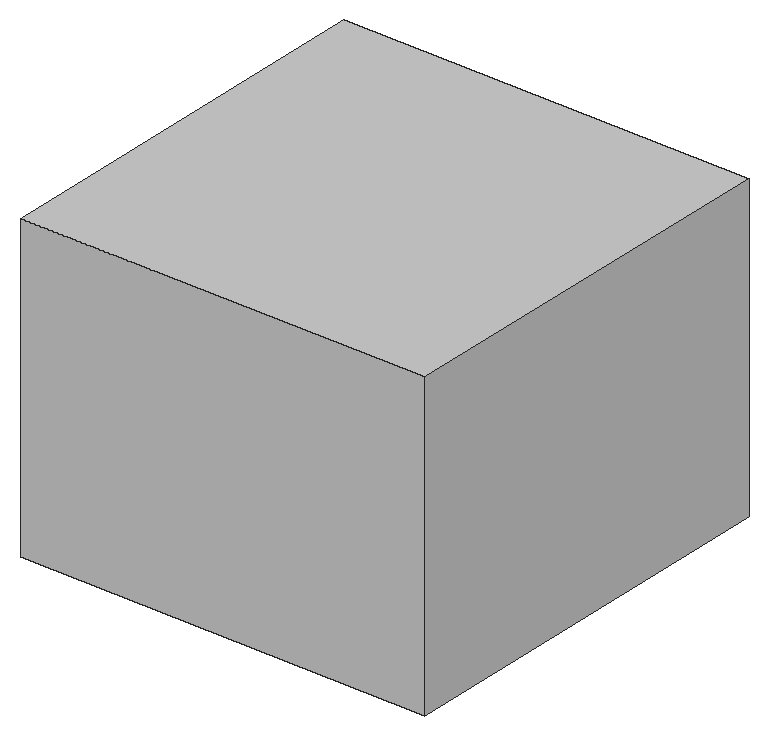
Revit family "Pier", category Structural Foundations, Revit 2025
Family settings
  Material for Model Behavior = Other
  Cap = No
  OmniClass Number = 23.25.05.17
  OmniClass Title = Shallow Foundations
  Work Plane-Based = No
  Always vertical = Yes
  Cut with Voids When Loaded = No
  Shared = No
  Show family pre-cut in plan views = Yes
Parameters (values of type "72" x 48" x 18"")
  Width = 1' - 4"
  Structural Material [instance] = Concrete, Cast-in-Place gray
  Length = 1' - 4"
  Foundation Thickness = 1' - 0"
  Assembly Code = "A1010100"
Types (3): name | Width | Length | Foundation Thickness
  (no name) | 1' - 4" | 1' - 4" | 1' - 0"
  72" x 48" x 18" | 1' - 4" | 1' - 4" | 1' - 0"
  96" x 72" x 18" | 6' - 0" | 8' - 0" | 1' - 6"
Reference planes (in)
  plane 1 "Center (Front/Back)": y = 0
  plane 2: z = 0
  plane 3 "Center (Left/Right)": x = 0
  plane 4: x = -8
  plane 5: x = 8
  plane 6: y = 8
  plane 7: y = -8
Forms (in)
  Extrusion 1, solid, material "Concrete, Cast-in-Place gray" <- "Structural Material"
    sketch origin (0, 0, 0) x (1, 0, 0) y (0, 1, 0)
      loop
        line (-8, 8) -> (-8, -8) -> (8, -8) -> (8, 8) -> (-8, 8)
    from -12 to 0
Dimensions and locks (in)
  "Foundation Thickness": plane 2 to Extrusion 1
  "Width": plane 4 to plane 5
  "Length": plane 6 to plane 7
  equal spacing: plane 6, plane 1 "Center (Front/Back)", plane 7
  equal spacing: plane 4, plane 3 "Center (Left/Right)", plane 5
  aligned and locked: plane 4 to Extrusion 1 sketch curve
  aligned and locked: Extrusion 1 sketch curve to plane 5
  aligned and locked: Extrusion 1 sketch curve to plane 6
  aligned and locked: plane 7 to Extrusion 1 sketch curve
  aligned and locked: level to Extrusion 1
